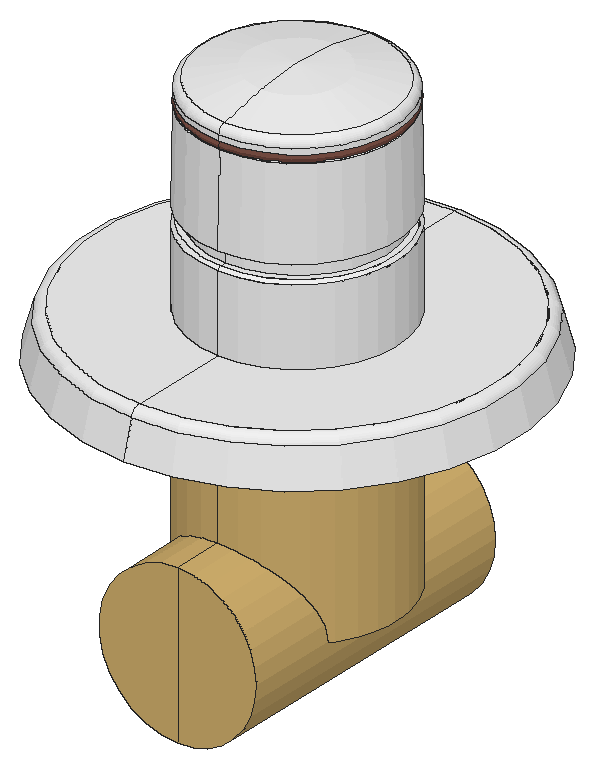
Revit family "PRD_FrankeWS_WshbsnMnlWtrSpplSts_F3SSelf-closingGateValve_F3SV1003", category Plumbing Fixtures, host Face, Revit 2018
Family settings
  Host = Face
  Round Connector Dimension = Use Diameter
  Part Type = Normal
  OmniClass Number = 23.45.05.14.99
  OmniClass Title = Other Sanitary Washing Plumbing Fixtures
  Cut with Voids When Loaded = Yes
  Shared = No
  Room Calculation Point = No
Parameters (values of type "F3SV1003")
  WorkingPressure = 0.0 Pa
  WarrantyStartDate [instance] = "1900-12-31T23:59:59"
  WarrantyGuarantorParts = "n/a"
  WarrantyGuarantorLabor = "n/a"
  WarrantyDurationUnit = "year"
  WarrantyDurationParts = "n/a"
  WarrantyDurationLabor = "n/a"
  WarrantyDescription = "n/a"
  ValvePattern = "STRAIGHT_2_PORT"
  ValveOperation = "HYDRAULIC"
  ValveMechanism = "OTHER"
  TypeOfTap = "In-wall tap"
  TestPressure = 0.0 Pa
  TailorMade = "No"
  Status = "New"
  Reference = "n/a"
  ProductCode = "208.0587.281"
  Version = "1"
  Uniclass2015Version = "Products v1.17"
  Uniclass2015Title = "Washbasin manual water supply sets"
  Uniclass2015Code = "Pr_40_20_87_96"
  URL = "www.kwc.com"
  TypeOfShower = "n/a"
  TypeOfOperation = "Manual operation"
  TypeOfMounting = "In-wall installation without box"
  TypeOfMixing = "No mixing"
  ThermalDisinfection = "No"
  TapMaterial = PRD_AR_ChromatedBrass_HighPolished
  TagNumber [instance] = "n/a"
  SustainabilityPerformance = "n/a"
  SoundInsulation = "No"
  Size = "n/a"
  ShowerPipeDraining = "n/a"
  Shape = "n/a"
  SerialNumber [instance] = "n/a"
  Revision = "n/a"
  ReplacementCost = "n/a"
  ProtectiveShutdown = "No"
  ProductInformation = "https://pim.kwc.com/product/2030048760/attachment/datasheet?locale=en"
  PositionOfWaterConnection = "n/a"
  NominalWidth = 80 mm
  NominalHeight = 80 mm
  NominalDepth = 0 mm
  NetWeight = 0.57 kg
  Name = "F3S self-closing gate valve F3SV1003"
  NBSTypeID = "n/a"
  NBSReference = "45-35-70/371"
  NBSOfficeMasterTag = "n/a"
  NBSNote = "n/a"
  NBSDescription = "Water supply fittings for wash basins and troughs"
  NBSCertification = "n/a"
  ModelReference = "F3SV1003"
  ModelNumber = "2030048760"
  Model = ModelReference  # "F3SV1003"
  MinimumFlowTime = "5.00 seconds"
  MinimumFlowPressure = "1.00 bar"
  MaximumFlowTime = "20.00 seconds"
  Material = "Brass"
  ManufacturerURL = "www.kwc.com"
  ManufacturerName = "KWC Group AG"  # constant formula
  Manufacturer = ManufacturerName  # "KWC Group AG"
  IntegralAccessories = "n/a"
  InstallationDate [instance] = "1900-12-31T23:59:59"
  InletSize = "G-1-2"
  IfcExportType = "USERDEFINED"
  IfcExportAs = "IfcValveType"
  HygieneFlushing = "No"
  GrossWeight = 0.60 kg
  Grade = "n/a"
  FunctionalPrinciple = "Hydraulic self-closing"
  FlowRateMaximum = "0.05 L/s at 3 bar"
  FlowCoefficient = 0
  Finish = "Polished chrome"
  Features = "For connection to pre-mixed hot water or cold water. Visible parts made of high-polished chrome-plated brass."
  ExpectedLife = "n/a"
  DurationUnit = "year"
  Description = "F3S self-closing DN 15 shower valve for wall mounting with noise-reducing styrene cladding. Self-closing hydraulically controlled functional part with a piston-free design, and continuously adjustable flow duration. For connection to pre-mixed hot water or cold water. Housing includes shuttle valve position, with interior thread G 1/2, visible parts made of high-polished chrome-plated brass. With rosette, depth adjustability 15 mm."
  DiameterNominal = 15.000 mm
  Depth adjustability check [instance] = if([Depth adjustability (0-15 mm)] > 15 mm, 15 mm, [Depth adjustability (0-15 mm)])  # 0 mm
  Depth adjustability (0-15 mm) [instance] = 0 mm
  Depressurised = "No"
  Default Elevation = 850 mm
  CreatedOn = "07/2021"  # constant formula
  Constituents = "n/a"
  ConnectionWithPayWaterDispenser = "n/a"
  Color = "Chrome"
  CodePerformance = "n/a"
  CloseOffRating = 0.0 Pa
  Circulation = "n/a"
  Category = "Pr_40_20_87_96, Washbasin manual water supply sets"
  BarCode [instance] = "n/a"
  BIMObjectName = "PRD_AR_WashbasinManualWaterSupplySets_F3SSelf-closingGateValve_F3SV1003"
  Author = "Archispace"  # constant formula
  AssetType = "Fixed"
  AssetIdentifier [instance] = "n/a"
  AdjustableFlowTime = "Yes"
  AdditionalConnections = "n/a"
  AccessibilityPerformance = "n/a"
Reference planes
  plane 1 "Center (Front/Back)": y = 0
  plane 2: z = 0
  plane 3 "Center (Left/Right)": x = 0
  plane 4: z = 0
  plane 5: z = -37.5
Forms (mm)
  Revolve 1, solid, material "PRD_AR_ChromatedBrass_HighPolished" <- "TapMaterial", detail levels medium+fine
    sketch origin (0, 0, 0) x (0, 1, 0) y (0, 0, 1)
      loop
        line (40, 0) -> (38.254, 6.518)
        arc (38.254, 6.518) -> (37.539, 7.587) -> (36.322, 8) r 2
        line (36.322, 8) -> (18.25, 8) -> (18.25, 0) -> (40, 0)
      axis (0, 8) -> (0, 0)
    angle from 0 to 360
  Revolve 2, solid, material "PRD_AR_ChromatedBrass_HighPolished" <- "TapMaterial", detail levels coarse
    sketch origin (0, 0, 0) x (0, 1, 0) y (0, 0, 1)
      loop
        line (40, 0) -> (40, 8) -> (18.25, 8) -> (18.25, 0) -> (40, 0)
      axis (0, 8) -> (0, 0)
    angle from 0 to 360
  Sweep 3, void
    path origin (0, 0, 0) x (0, 1, 0) y (0, 0, 1)
      loop
        line (27.5, -37.5) -> (-27.5, -37.5)
    profile origin (0, 0, -37.5) x (0, 0, -1) y (1, 0, 0)
      loop
        circle (0, 0) r 14.5
  Sweep 4, void
    path origin (0, 0, 0) x (0, 1, 0) y (0, 0, 1)
      loop
        line (0, -37.5) -> (0, 0)
    profile origin (0, 0, -18.75) x (0, -1, 0) y (1, 0, 0)
      loop
        circle (0, 0) r 18.25
Dimensions and locks
  "Depth adjustability check": level to plane 4
  locked: plane 4 to plane 5 at 37.5
  aligned and locked: plane 2 to host face
  aligned and locked: level to host face
  aligned and locked: plane 4 to nested 1
  aligned and locked: Sweep 3 sketch curve to plane 5
  aligned and locked: level to Sweep 4 sketch curve
  aligned and locked: plane 5 to Sweep 4 sketch curve
  aligned and locked: plane 1 "Center (Front/Back)" to Sweep 4 sketch curve
Automatic sketch dimensions
  host sketch curve to host sketch curve = 1196.93 mm
  host sketch curve to host sketch curve = 1194.553 mm
  Revolve 1 sketch curve to plane 1 "Center (Front/Back)" = 0 mm
  Revolve 1 sketch curve to level = 0 mm
  level to Revolve 1 sketch curve = 8 mm
  Revolve 1 sketch curve to plane 1 "Center (Front/Back)" = 18.25 mm
  level to Revolve 1 sketch curve = 6 mm
  Revolve 1 sketch curve to Revolve 1 sketch curve = 18.072 mm
  level to Revolve 1 sketch curve = 6.518 mm
  Revolve 1 sketch curve to Revolve 1 sketch curve = 1.746 mm
  level to Revolve 1 sketch curve = 14.42 mm
  Revolve 1 sketch curve to Revolve 1 sketch curve = 5 mm
  Revolve 2 sketch curve to plane 1 "Center (Front/Back)" = 0 mm
  Revolve 2 sketch curve to level = 0 mm
  level to Revolve 2 sketch curve = 8 mm
  Revolve 2 sketch curve to plane 1 "Center (Front/Back)" = 18.25 mm
  Revolve 2 sketch curve to Revolve 2 sketch curve = 21.75 mm
  level to Revolve 2 sketch curve = 14.42 mm
  Revolve 2 sketch curve to Revolve 2 sketch curve = 5 mm
  plane 1 "Center (Front/Back)" to Sweep 3 sketch curve = 27.5 mm
  Sweep 3 sketch curve to plane 1 "Center (Front/Back)" = 27.5 mm
  Sweep 3 sketch curve to plane 3 "Center (Left/Right)" = 0 mm
  Sweep 3 sketch curve to profile plane = 0 mm
  Sweep 4 sketch curve to plane 3 "Center (Left/Right)" = 0 mm
  Sweep 4 sketch curve to profile plane = 0 mm
  radius of Sweep 3 sketch curve = 14.5 mm
  radius of Sweep 4 sketch curve = 18.25 mm
Nested families
  nested 1: "Valve" at (0, 0, 0), type "Valve"
Connectors
  piping at (0, 27.5, -37.5), diameter 15, driven by "DiameterNominal", driven by "InletSize"
    settings: on host face, index 1, connector inside diameter 609.600 mm, connector length 0 mm, flow factor 0, pipe flow 0.0 L/s, pressure drop 0.0 Pa, fitting loss kfactor 0, connector angle 0.00°, fixture units 0, engagement length 0 mm, angle of deflection 0.00°, flow configuration 0, flow direction 1, fitting loss method 0, system type 7, joint type 0, gender type 0, connector reference index -1, connector utility 0, adjustable connector no, is connector primary yes, connector description "G-1-2"
Definition of nested family "Valve"
  Parameters (values of type "Valve")
    Material3 = none
    Material2 = none
    Material1 = none
  Reference planes
    plane 1 "Center (Front/Back)": y = 0
    plane 2: z = 0
    plane 3 "Center (Left/Right)": x = 0
  Forms (mm)
    Revolve 1, solid, material <- "Material1", detail levels fine
      sketch origin (0, 0, 0) x (0, 1, 0) y (0, 0, 1)
        loop
          line (0, 0) -> (18.25, 0) -> (18.25, 21.923) -> (17.673, 22.5) -> (16.5, 22.5) -> (16.5, 25.3) -> (18.259, 25.3) -> (17.962, 41.8) -> (0, 41.8) -> (0, 0)
        loop
          arc (16.813, 45.896) -> (8.492, 47.692) -> (0, 48.295) r 60.127
          line (0, 48.295) -> (0, 43.3) -> (18, 43.3) -> (18, 44.315)
          arc (18, 44.315) -> (17.67, 45.303) -> (16.813, 45.896) r 1.647
        axis (0, 0) -> (0, 48.295)
      angle from 0 to 360
    Revolve 2, solid, material <- "Material2"
      sketch origin (0, 0, 0) x (0, 1, 0) y (0, 0, 1)
        loop
          line (27.5, -37.5) -> (27.5, -23) -> (-27.5, -23) -> (-27.5, -37.5) -> (27.5, -37.5)
        axis (-27.5, -37.5) -> (27.5, -37.5)
      angle from 0 to 360
    Revolve 3, solid, material <- "Material2"
      sketch origin (0, 0, 0) x (0, 1, 0) y (0, 0, 1)
        loop
          line (18.25, 0) -> (0, 0) -> (0, -37.5) -> (18.25, -37.5) -> (18.25, 0)
        axis (0, -37.5) -> (0, 0)
      angle from 0 to 360
    Revolve 4, solid, material <- "Material3", detail levels fine
      sketch origin (0, 0, 0) x (0, 1, 0) y (0, 0, 1)
        loop
          line (0, 41.8) -> (17.25, 41.8)
          arc (17.25, 41.8) -> (18.025, 42.4) -> (17.637, 43.3) r 0.8
          line (17.637, 43.3) -> (0, 43.3) -> (0, 41.8)
        axis (0, 43.3) -> (0, 41.8)
      angle from 0 to 360
    Revolve 5, solid, material <- "Material1", detail levels medium
      sketch origin (0, 0, 0) x (0, 1, 0) y (0, 0, 1)
        loop
          line (0, 0) -> (18.25, 0) -> (18.25, 44.019)
          arc (18.25, 44.019) -> (17.852, 45.216) -> (16.818, 45.937) r 2
          arc (16.818, 45.937) -> (8.497, 47.761) -> (0, 48.373) r 59.259
          line (0, 48.373) -> (0, 0)
        axis (0, 48.373) -> (0, 0)
      angle from 0 to 360
    Revolve 6, solid, material <- "Material1", detail levels coarse
      sketch origin (0, 0, 0) x (0, 1, 0) y (0, 0, 1)
        loop
          line (0, 0) -> (18.25, 0) -> (18.25, 48.373) -> (0, 48.373) -> (0, 0)
        axis (0, 48.373) -> (0, 0)
      angle from 0 to 360
  Cuts and joins
    joined: Revolve 2, Revolve 3
  Dimensions and locks
    aligned and locked: level to plane 2
